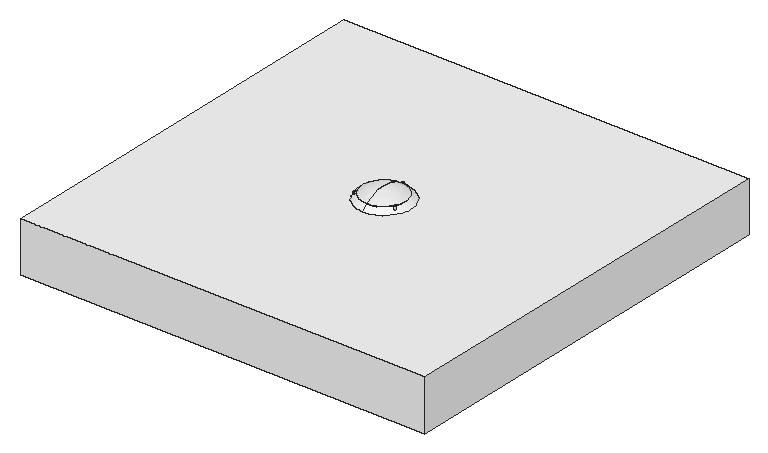
Revit family "Sarlam_Eclairage_Hublot_Chartres_Infini_T1_Anti_Vandale_Diam_322mm_1000Lm", category Luminaires, Revit 2020
Family settings
  Hôte = Face
  Cote de connecteur circulaire = Utiliser le diamètre
  Type d'élément = Normal
  Couper avec des vides une fois chargée = Non
  Source d'éclairage = Oui
  Partagée = Non
  Point de calcul de pièce = Non
Parameters (values of type "Détection+Horloge BLANC")
  Zone plafond formes 1à7 [instance] = and(not(Diamètre externe = 328 mm), or([Antivandale Formes 2-4-7]), not([Afficher la zone de détection-pose murale]), [Afficher la zone de détection-pose plafond])  # no
  Zone murale formes 1à7 [instance] = and(not(Diamètre externe = 328 mm), or([Antivandale Formes 2-4-7]), [Afficher la zone de détection-pose murale], not([Afficher la zone de détection-pose plafond]))  # no
  Zone de détection = "Détection à 2,5m haut Plafond: Ø6m maxi Mur: Ellipse 16*17m"
  URL = "http://www.legrandoc.com/SL532073"
  Type de variation = "Autre"
  Type de tension = "CA"
  Tension nominale (Un) V MIN = 207
  Tension nominale (Un) V MAX = 253
  built-in parameter 1150107 = 3200 (stored number, unit not read)
  Température de couleur K MIN = 4000
  Température de couleur K MAX = 4000
  Source lumineuse = "Led non interchangeable"
  Répartition lumineuse = "Symétrique"
  Puissance du système W = 15
  Puissance de la source lumineuse W = ""
  Puissance de la lampe en Multiwatt = "14/24W"
  Wattage = 9.2903 W
  built-in parameter 1150110 = 1 (stored number, unit not read)
  built-in parameter 1150109 = 1 (stored number, unit not read)
  built-in parameter 1114218 = 1 (stored number, unit not read)
  built-in parameter 1150113 = 1 (stored number, unit not read)
  built-in parameter 1150112 = 1 (stored number, unit not read)
  built-in parameter 1150137 = (empty or 0)
  built-in parameter 1150132 = (empty or 0)
  Modèle = "SL-532073"
  Longueur d'encastrement = 0 mm
  Longueur = 322 mm
  Largeur d'encastrement = 322 mm
  Largeur = 322 mm
  built-in parameter 1150105 = 109.82 (stored number, unit not read)
  built-in parameter 1150102 = (empty or 0)
  Hauteur/profondeur d'encastrement = 0 mm
  Hauteur/profondeur = 70 mm
  Dimming Lamp Color Temperature Shift = (empty or 0)
  Lumens = 1380 lm
  Color Filter = 16777215
  Fichier de distribution photométrique = "SL532000 .ies"
  built-in parameter 1114217 = 1 (stored number, unit not read)
  built-in parameter 1150139 = (empty or 0)
  Fabricant = "LEGRAND"
  Emettre à partir du diamètre du cercle = 200 mm
  Emettre la visibilité des formes dans le rendu = no
  built-in parameter 1150104 = 13.8 (stored number, unit not read)
  built-in parameter 1150106 = 1.0982 (stored number, unit not read)
  built-in parameter 1150115 = 1 (stored number, unit not read)
  built-in parameter 1150114 = 1 (stored number, unit not read)
  Diamètre externe = 322 mm
  Diamètre d'encastrement = 0 mm
  Description = "CHARTRES INFINI 1000LM 4000K  AV DETECTION HF + HORLOGE BLANC"
  built-in parameter 1150138 = (empty or 0)
  built-in parameter 1150134 = 3
  Condition Générale d'Utilisation = "https://export.legrand.com/CGU-objets-BIM"
  Angle de l'inclinaison = 0.00°
  Afficher la zone de détection-pose plafond [instance] = no
  Afficher la zone de détection-pose murale [instance] = no
  Matériau du boîtier/corps = Plastique
  Indice de rendu des couleurs CRI = "80-89"
  Indice de protection contre les chocs (IK) = "IK10"
  Indice de protection (IP) = "IP55"
  Flux lumineux utile lm = 1000
  Elévation par défaut = 2500 mm
  Douille = "Sans"
  Courant nominal mA MIN = 59
  Courant nominal mA MAX = 73
  Couleur du boîtier/corps = LEGRAND - Blanc
  Classe de protection = "II"
  Avec détecteur de mouvement = yes
  Avec détecteur crépusculaire = yes
  Appareillage = "Appareil à LED commandé en courant"
  Antivandale Formes 2-4-7 = yes
  Angle du faisceau = "Faisceau libre"
  Afficher l'étiquette de zone [instance] = no
  Adapté à une suspension = no
  Adapté à un montage encastré = no
  Adapté à un montage en saillie = yes
  Adapté à un montage en applique = yes
  Adapté à un montage au plafond = yes
  built-in parameter 1150133 = 10 (stored number, unit not read)
Types (12, lengths in mm): name | Zone de détection | URL | Type de variation | Puissance du système W | Modèle | Description | Courant nominal mA MIN | Courant nominal mA MAX | Couleur du boîtier/corps | Avec détecteur de mouvement | Avec détecteur crépusculaire | Afficher l'étiquette de zone
  ON/OFF BLANC | "" | "http://www.legrandoc.com/SL532006" | "Non régulable" | 14 | "SL-532006" | "CHARTRES INFINI 1000LM 4000K AV ON/OFF BLANC" | 39 | 49 | LEGRAND - Blanc | no | no | no
  ON/OFF ANTHRACITE | "" | "http://www.legrandoc.com/SL532007" | "Non régulable" | 14 | "SL-532007" | "CHARTRES INFINI 1000LM 4000K AV ON/OFF ANTHRACITE" | 39 | 49 | LEGRAND - Anthracite | no | no | no
  ON/OFF GRIS METAL | "" | "http://www.legrandoc.com/SL532008" | "Non régulable" | 14 | "SL-532008" | "CHARTRES INFINI 1000LM 4000K AV ON/OFF GRIS METAL" | 39 | 49 | LEGRAND - Gris métal | no | no | no
  Détection BLANC | "Détection à 2,5m haut Plafond: Ø6m maxi Mur: Ellipse 16*17m" | "http://www.legrandoc.com/SL532046" | "Autre" | 15 | "SL-532046" | "CHARTRES INFINI 1000LM 4000K  AV DETECTION HF BLANC" | 59 | 73 | LEGRAND - Blanc | yes | yes | yes
  Détection ANTHRACITE | "Détection à 2,5m haut Plafond: Ø6m maxi Mur: Ellipse 16*17m" | "http://www.legrandoc.com/SL532047" | "Autre" | 15 | "SL-532047" | "CHARTRES INFINI 1000LM 4000K  AV DETECTION HF ANTHRACITE" | 59 | 73 | LEGRAND - Anthracite | yes | yes | no
  Détection GRIS METAL | "Détection à 2,5m haut Plafond: Ø6m maxi Mur: Ellipse 16*17m" | "http://www.legrandoc.com/SL532048" | "Autre" | 15 | "SL-532048" | "CHARTRES INFINI 1000LM 4000K  AV DETECTION HF GRIS METAL" | 59 | 73 | LEGRAND - Gris métal | yes | yes | no
  Détection+Horloge BLANC | "Détection à 2,5m haut Plafond: Ø6m maxi Mur: Ellipse 16*17m" | "http://www.legrandoc.com/SL532073" | "Autre" | 15 | "SL-532073" | "CHARTRES INFINI 1000LM 4000K  AV DETECTION HF + HORLOGE BLANC" | 59 | 73 | LEGRAND - Blanc | yes | yes | no
  Détection+Horloge ANTHRACITE | "Détection à 2,5m haut Plafond: Ø6m maxi Mur: Ellipse 16*17m" | "http://www.legrandoc.com/SL532074" | "Autre" | 15 | "SL-532074" | "CHARTRES INFINI 1000LM 4000K  AV DETECTION HF + HORLOGE ANTHRACITE" | 59 | 73 | LEGRAND - Anthracite | yes | yes | no
  Détection+Horloge GRIS METAL | "Détection à 2,5m haut Plafond: Ø6m maxi Mur: Ellipse 16*17m" | "http://www.legrandoc.com/SL532075" | "Autre" | 15 | "SL-532075" | "CHARTRES INFINI 1000LM 4000K  AV DETECTION HF + HORLOGE GRIS METAL" | 59 | 73 | LEGRAND - Gris métal | yes | yes | no
  Double niveau/Minuterie BLANC | "" | "http://www.legrandoc.com/SL532085" | "Autre" | 15 | "SL-532085" | "CHARTRES INFINI 1000LM 4000K  AV DOUBLE NIVEAU/MINUTERIE BLANC" | 59 | 73 | LEGRAND - Blanc | no | no | no
  Double niveau/Minuterie ANTHRACITE | "" | "http://www.legrandoc.com/SL532086" | "Autre" | 15 | "SL-532086" | "CHARTRES INFINI 1000LM 4000K  AV DOUBLE NIVEAU/MINUTERIE ANTHRACITE" | 59 | 73 | LEGRAND - Anthracite | no | no | no
  Double niveau/Minuterie GRIS METAL | "" | "http://www.legrandoc.com/SL532087" | "Autre" | 15 | "SL-532087" | "CHARTRES INFINI 1000LM 4000K  AV DOUBLE NIVEAU/MINUTERIE GRIS METAL" | 59 | 73 | LEGRAND - Gris métal | no | no | no
Reference planes
  plane 1 "Centre (avant/arrière)": y = 0
  plane 2: z = 0
  plane 3 "Centre (gauche/droite)": x = 0
  plane 4: z = 90
Forms (mm)
  Extrusion 1, solid, material "Blanc"
    sketch origin (0, 0, 0) x (1, 0, 0) y (0, 1, 0)
      loop
        line (-1219.2, 1219.2) -> (-1219.2, -1219.2) -> (1219.2, -1219.2) -> (1219.2, 1219.2) -> (-1219.2, 1219.2)
    from 0 to -304.8
Lines and regions (mm)
  model lines, style "LightingFixtures", not visible
    curve 1: line (0, 0, 0) -> (0, 0, 2230)
    curve 2: line (0, 0, 0) -> (0, 3300, 0)
    curve 3: line (0, 0, 0) -> (-2620, 0, 0)
Dimensions and locks
  level to plane 4 = 90 mm
  aligned and locked: plane 2 to Extrusion 1
  aligned and locked: level to Extrusion 1
  aligned and locked: imposter light to plane 4
  aligned and locked: plane 3 "Centre (gauche/droite)" to imposter light
Nested families
  nested 1: "Zone de détection murale Chartres-Astreo" at (0, 0, 0) x (0, 0, 1) z (0, -1, 0), visible <- "Afficher la zone de détection-pose murale", type "Zone de détection murale"
  nested 2: "Formes 1-2-3-4-6-7-8-9" at (0, 0, 0), type "Formes"
    with Fl 70 mm, Dimension hublot 129.3 mm, Diamètre total 322 mm, Courbure 220.2 mm, Antivandale Formes 2-4-7 yes
  nested 3: "Zone de détection plafond Chartres-Astreo" at (0, 0, 2500), visible <- "Afficher la zone de détection-pose plafond", type "Zone de détection plafond"
    with Zone plafond Formes 8à9 no
  nested 4: "Zone de détection murale Chartres-Astreo" at (0, 0, 0) x (0, 0, 1) z (1, 0, 0), visible <- "Afficher la zone de détection-pose murale", type "Zone de détection murale"
  nested 5: "Etiquette de zone" at (-10, 232.366, 0) x (-1, 0, 0) z (0, 0, 1), visible <- "Afficher l'étiquette de zone", type "Etiquette de zone"
Connectors
  electrical at (0, 0, 0)
    settings: on nested 2, index 1, voltage 230 V, apparent load 0 VA, apparent load phase1 0 VA, apparent load phase2 0 VA, apparent load phase3 0 VA, power factor 1, load classification "Eclairage", number of poles 1, system type 30, power factor state 1, is connector primary yes, connector utility no, sub classification motor no, connector description ""
Definition of nested family "Formes 1-2-3-4-6-7-8-9"
  Parameters (values of type "Formes")
    Standard Forme 8 = no
    Standard Formes 1-3-6 = no
    Matériau hublot = none
    Matériau corps = none
    Fl = if(Diamètre total < 325 mm, 70 mm, if(Diamètre total = 328 mm, 107 mm, 90 mm))  # 107 mm
    Default Elevation = 0 mm
    Dimension hublot = if(Diamètre total = 300 mm, 121.1 mm, if(Diamètre total = 322 mm, 129.3 mm, if(Diamètre total = 328 mm, 148.6 mm, if(Diamètre total = 420 mm, 179.2 mm, 185.3 mm))))  # 148.6 mm
    Diamètre total = 328 mm
    Courbure = if(Diamètre total = 300 mm, 195.7 mm, if(Diamètre total = 322 mm, 220.2 mm, if(Diamètre total = 328 mm, 179.2 mm, if(Diamètre total = 420 mm, 290 mm, 307.8 mm))))  # 179.2 mm
    Couleur corps = none
    Antivandale Forme 9 = no
    Antivandale Formes 2-4-7 = no
  Reference planes
    plane 1 "Centre (avant/arrière)": y = 0
    plane 2: z = 0
    plane 3 "Centre (gauche/droite)": x = 0
    plane 4: y = 164
    plane 5: y = -164
    plane 6: y = 148.6
  Forms (mm)
    Revolve 1, solid, material <- "Matériau hublot"
      sketch origin (0, 0, 0) x (0, 0, -1) y (0, 1, 0)
        loop
          arc (-28, 148.6) -> (-86.03, 84.151) -> (-107, 0) r 179.2
          line (-107, 0) -> (-28, 0) -> (-28, 148.6)
        axis (-28, 0) -> (-107, 0)
      angle from 0 to 360
  Dimensions and locks
    equal spacing: plane 4, plane 1 "Centre (avant/arrière)", plane 5
    "Diamètre total": plane 4 to plane 5
    equal spacing: plane 5, plane 1 "Centre (avant/arrière)", plane 4
    "Dimension hublot": plane 1 "Centre (avant/arrière)" to plane 6
    "Fl": Revolve 1 sketch curve to plane 2
    "Courbure": radius of Revolve 1 sketch curve
    aligned and locked: level to plane 2
    aligned and locked: plane 6 to Revolve 1 sketch curve
    aligned and locked: plane 2 to nested 2
  Automatic sketch dimensions
    Revolve 1 sketch curve to plane 1 "Centre (avant/arrière)" = 0 mm  (x2)
    level to Revolve 1 sketch curve = 28 mm
    Revolve 1 sketch curve to Revolve 1 sketch curve = 1811.469 mm
    Revolve 1 sketch curve to Revolve 1 sketch curve = 1147.22 mm
  Nested families
    nested 1: "Corps standard Formes 1-3-6" at (0, 0, 0), visible <- "Standard Formes 1-3-6", type "Corps standard Formes 1-3-6"
      with Diamètre 328 mm
    nested 2: "Corps antivandale Formes 2-4-7" at (0, 0, 0), visible <- "Antivandale Formes 2-4-7", type "Corps antivandale Formes 2-4-7"
      with Diamètre 328 mm
    nested 3: "Corps standard Forme 8" at (0, 0, 0), visible <- "Standard Forme 8", type "Corps standard Forme 8"
    nested 4: "Corps antivandale Forme 9" at (0, 0, 0), visible <- "Antivandale Forme 9", type "Corps antivandale Forme 9"
  Definition of nested family "Corps standard Formes 1-3-6"
    Parameters (values of type "Corps standard")
      Matériau corps = none
      Default Elevation = 0 mm
      Couleur corps = none
      Diamètre = 322 mm
      Courbure = if(Diamètre < 400 mm, 195.7 mm, 290 mm)  # 195.7 mm
    Reference planes
      plane 1 "Centre (avant/arrière)": y = 0
      plane 2: z = 0
      plane 3 "Centre (gauche/droite)": x = 0
      plane 4: y = 161
      plane 5: y = -161
      plane 6: z = 28
    Forms (mm)
      Revolve 1, solid, material <- "Couleur corps"
        sketch origin (0, 0, 0) x (0, 0, -1) y (0, 1, 0)
          loop
            line (0, 0) -> (0, 161)
            arc (0, 161) -> (-14.55, 149.906) -> (-28, 137.502) r 195.7
            line (-28, 137.502) -> (-28, 0) -> (0, 0)
          axis (0, 0) -> (-28, 0)
        angle from 0 to 360
    Dimensions and locks
      equal spacing: plane 4, plane 1 "Centre (avant/arrière)", plane 5
      "Diamètre": plane 4 to plane 5
      equal spacing: plane 5, plane 1 "Centre (avant/arrière)", plane 4
      "Courbure": radius of Revolve 1 sketch curve
      aligned and locked: level to plane 2
      aligned and locked: plane 2 to Revolve 1  (x2)
      aligned and locked: Revolve 1 to plane 2
      aligned and locked: plane 6 to Revolve 1
    Automatic sketch dimensions
      Revolve 1 sketch curve to plane 1 "Centre (avant/arrière)" = 0 mm  (x3)
      Revolve 1 sketch curve to plane 6 = 0 mm
      Revolve 1 sketch curve to level = 0 mm
      Revolve 1 sketch curve to plane 4 = 0 mm
      plane 6 to Revolve 1 sketch curve = 1833.51 mm
      Revolve 1 sketch curve to Revolve 1 sketch curve = 1167.217 mm
  Definition of nested family "Corps antivandale Formes 2-4-7"
    Parameters (values of type "Corps antivandale")
      Rayon réseau vis = if(Diamètre < 400 mm, 137.2 mm, 193.2 mm)  # 137.2 mm
      Matériau corps = none
      Default Elevation = 0 mm
      Diamètre = 322 mm
      Courbure = if(Diamètre < 400 mm, 220.2 mm, 307.8 mm)  # 220.2 mm
      Couleur corps = none
    Reference planes
      plane 1 "Centre (avant/arrière)": y = 0
      plane 2: z = 0
      plane 3 "Centre (gauche/droite)": x = 0
      plane 4: y = 161
      plane 5: y = -161
      plane 6: z = 28
      plane 7: through (0, 0, 1200) normal (0.5, 0.866, 0)
      plane 8: through (0, 0, 1200) normal (0.5, -0.866, 0)
    Forms (mm)
      Revolve 1, solid, material <- "Couleur corps"
        sketch origin (0, 0, 0) x (0, 0, -1) y (0, 1, 0)
          loop
            line (0, 0) -> (0, 161)
            arc (0, 161) -> (-14.762, 145.835) -> (-28, 129.323) r 220.2
            line (-28, 129.323) -> (-28, 0) -> (0, 0)
          axis (0, 0) -> (-28, 0)
        angle from 0 to 360
      Extrusion 2, solid, material <- "Couleur corps"
        sketch origin (0, -0.04, 0) x (1, 0, 0) y (0, 1, 0)
          loop
            line (-4, 129.32) -> (-4, 137.3)
            arc (-4, 137.3) -> (0, 141.3) -> (4, 137.3) r 4
            line (4, 137.3) -> (4, 129.32)
            arc (4, 129.32) -> (5, 129.285) -> (6, 129.243) r 129.323
            line (6, 129.243) -> (6, 137.3)
            arc (6, 137.3) -> (0, 143.3) -> (-6, 137.3) r 6
            line (-6, 137.3) -> (-6, 129.243)
            arc (-6, 129.243) -> (-5, 129.285) -> (-4, 129.32) r 129.323
        from 15.189 to 28
      Extrusion 3, solid, material <- "Couleur corps"
        sketch origin (-0.035, 0.02, 0) x (-0.5, -0.866025, 0) y (0.866025, -0.5, 0)
          loop
            line (-4, 129.32) -> (-4, 137.3)
            arc (-4, 137.3) -> (0, 141.3) -> (4, 137.3) r 4
            line (4, 137.3) -> (4, 129.32)
            arc (4, 129.32) -> (5, 129.285) -> (6, 129.243) r 129.323
            line (6, 129.243) -> (6, 137.3)
            arc (6, 137.3) -> (0, 143.3) -> (-6, 137.3) r 6
            line (-6, 137.3) -> (-6, 129.243)
            arc (-6, 129.243) -> (-5, 129.285) -> (-4, 129.32) r 129.323
        from 15.189 to 28
      Extrusion 4, solid, material <- "Couleur corps"
        sketch origin (0.035, 0.02, 0) x (-0.5, 0.866025, 0) y (-0.866025, -0.5, 0)
          loop
            line (-4, 129.32) -> (-4, 137.3)
            arc (-4, 137.3) -> (0, 141.3) -> (4, 137.3) r 4
            line (4, 137.3) -> (4, 129.32)
            arc (4, 129.32) -> (5, 129.285) -> (6, 129.243) r 129.323
            line (6, 129.243) -> (6, 137.3)
            arc (6, 137.3) -> (0, 143.3) -> (-6, 137.3) r 6
            line (-6, 137.3) -> (-6, 129.243)
            arc (-6, 129.243) -> (-5, 129.285) -> (-4, 129.32) r 129.323
        from 15.189 to 28
      Revolve 5, solid
        sketch origin (0, 0.018, -12.656) x (0, 1, 0) y (0, 0, 1)
          loop
            line (136.525, 38.942) -> (136.525, 29.094) -> (136.962, 29.907) -> (137.751, 35.518) -> (140.148, 38.942) -> (136.525, 38.942)
          axis (136.525, 29.094) -> (136.525, 38.942)
        angle from 0 to 360
      Revolve 6, solid
        sketch origin (0.016, -0.009, -12.656) x (0.866025, -0.5, 0) y (0, 0, 1)
          loop
            line (136.525, 38.942) -> (136.525, 29.094) -> (136.962, 29.907) -> (137.751, 35.518) -> (140.148, 38.942) -> (136.525, 38.942)
          axis (136.525, 29.094) -> (136.525, 38.942)
        angle from 0 to 360
      Revolve 7, solid
        sketch origin (-0.016, -0.009, -12.656) x (-0.866025, -0.5, 0) y (0, 0, 1)
          loop
            line (136.525, 38.942) -> (136.525, 29.094) -> (136.962, 29.907) -> (137.751, 35.518) -> (140.148, 38.942) -> (136.525, 38.942)
          axis (136.525, 29.094) -> (136.525, 38.942)
        angle from 0 to 360
    Cuts and joins
      joined: Revolve 1, Extrusion 2
    Lines and regions (mm)
      model lines
        curve 1: line (-2.5, 136.543, 26.285) -> (2.5, 136.543, 26.285)
        curve 2: line (0, 138.995, 26.285) -> (0, 133.995, 26.285)
        curve 3: line (119.5, -66.107, 26.285) -> (117, -70.437, 26.285)
        curve 4: line (120.373, -69.497, 26.285) -> (116.043, -66.997, 26.285)
        curve 5: line (-117, -70.437, 26.285) -> (-119.5, -66.107, 26.285)
        curve 6: line (-120.373, -69.497, 26.285) -> (-116.043, -66.997, 26.285)
    Dimensions and locks
      equal spacing: plane 4, plane 1 "Centre (avant/arrière)", plane 5
      "Diamètre": plane 4 to plane 5
      equal spacing: plane 5, plane 1 "Centre (avant/arrière)", plane 4
      "Courbure": radius of Revolve 1 sketch curve
      "Rayon réseau vis": radius of radial array
      aligned and locked: level to plane 2
      aligned and locked: plane 2 to Revolve 1  (x2)
      aligned and locked: Revolve 1 to plane 2
      aligned and locked: plane 6 to Revolve 1
    Automatic sketch dimensions
      Extrusion 2 sketch curve to Extrusion 2 sketch curve = 0 mm  (x9)
      Extrusion 2 sketch curve to Extrusion 2 sketch curve = 7.98 mm
      Extrusion 2 sketch curve to Extrusion 2 sketch curve = 0.077 mm
      Extrusion 2 sketch curve to Extrusion 2 sketch curve = 2 mm
      Extrusion 2 sketch curve to Extrusion 2 sketch curve = 4 mm
      Extrusion 2 sketch curve to Extrusion 2 sketch curve = 6 mm
      Extrusion 3 sketch curve to Extrusion 3 sketch curve = 0 mm  (x9)
      Extrusion 3 sketch curve to Extrusion 3 sketch curve = 7.98 mm
      Extrusion 3 sketch curve to Extrusion 3 sketch curve = 0.077 mm
      Extrusion 3 sketch curve to Extrusion 3 sketch curve = 2 mm
      Extrusion 3 sketch curve to Extrusion 3 sketch curve = 4 mm
      Extrusion 3 sketch curve to Extrusion 3 sketch curve = 6 mm
      Extrusion 4 sketch curve to Extrusion 4 sketch curve = 0 mm  (x9)
      Extrusion 4 sketch curve to Extrusion 4 sketch curve = 7.98 mm
      Extrusion 4 sketch curve to Extrusion 4 sketch curve = 0.077 mm
      Extrusion 4 sketch curve to Extrusion 4 sketch curve = 2 mm
      Extrusion 4 sketch curve to Extrusion 4 sketch curve = 4 mm
      Extrusion 4 sketch curve to Extrusion 4 sketch curve = 6 mm
      Revolve 7 sketch curve to Revolve 7 sketch curve = 0.437 mm  (x2)
      Revolve 7 sketch curve to Revolve 7 sketch curve = 1.226 mm  (x2)
      Revolve 7 sketch curve to Revolve 7 sketch curve = 2.397 mm
      Revolve 7 sketch curve to Revolve 7 sketch curve = 0.813 mm  (x2)
      Revolve 7 sketch curve to Revolve 7 sketch curve = 5.611 mm  (x2)
      Revolve 7 sketch curve to Revolve 7 sketch curve = 3.424 mm  (x2)
      Revolve 7 sketch curve to Revolve 7 sketch curve = 0 mm  (x2)
      Revolve 7 sketch curve to Revolve 7 sketch curve = 0.975 mm
      Revolve 7 sketch curve to Revolve 7 sketch curve = 3.281 mm  (x2)
      Revolve 5 sketch curve to Revolve 5 sketch curve = 0.437 mm  (x2)
      Revolve 5 sketch curve to Revolve 5 sketch curve = 1.226 mm  (x2)
      Revolve 5 sketch curve to Revolve 5 sketch curve = 3.623 mm
      Revolve 5 sketch curve to Revolve 5 sketch curve = 5.611 mm  (x2)
      Revolve 5 sketch curve to Revolve 5 sketch curve = 3.424 mm  (x2)
      Revolve 5 sketch curve to Revolve 5 sketch curve = 0 mm  (x2)
      Revolve 5 sketch curve to Revolve 5 sketch curve = 0.813 mm  (x2)
      Revolve 5 sketch curve to Revolve 5 sketch curve = 0.162 mm
      Revolve 5 sketch curve to Revolve 5 sketch curve = 3.281 mm  (x2)
      Revolve 6 sketch curve to Revolve 6 sketch curve = 0.437 mm  (x2)
      Revolve 6 sketch curve to Revolve 6 sketch curve = 1.226 mm  (x2)
      Revolve 6 sketch curve to Revolve 6 sketch curve = 3.623 mm
      Revolve 6 sketch curve to Revolve 6 sketch curve = 5.611 mm  (x2)
      Revolve 6 sketch curve to Revolve 6 sketch curve = 3.424 mm  (x2)
      Revolve 6 sketch curve to Revolve 6 sketch curve = 0 mm  (x2)
      Revolve 6 sketch curve to Revolve 6 sketch curve = 0.813 mm  (x2)
      Revolve 6 sketch curve to Revolve 6 sketch curve = 0.162 mm
      Revolve 6 sketch curve to Revolve 6 sketch curve = 3.281 mm  (x2)
      Revolve 7 sketch curve to Revolve 7 sketch curve = 3.623 mm
      Revolve 7 sketch curve to Revolve 7 sketch curve = 0.162 mm
      curve 2 to Revolve 5 = 0 mm
      curve 2 to curve 1 = 2.548 mm
      curve 1 to curve 2 = 2.452 mm
      Revolve 5 to curve 1 = 2.5 mm
      curve 1 to Revolve 5 = 2.5 mm
      curve 4 to Revolve 6 = 0 mm
      curve 4 to curve 3 = 2.548 mm
      curve 3 to curve 4 = 2.452 mm
      Revolve 6 to curve 3 = 2.5 mm
      curve 3 to Revolve 6 = 2.5 mm
      curve 6 to Revolve 7 = 0 mm
      curve 6 to curve 5 = 2.548 mm
      curve 5 to curve 6 = 2.452 mm
      Revolve 7 to curve 5 = 2.5 mm
      curve 5 to Revolve 7 = 2.5 mm
      Revolve 5 sketch curve to Revolve 5 sketch curve = 2.397 mm
      Revolve 5 sketch curve to Revolve 5 sketch curve = 0.975 mm
      Revolve 6 sketch curve to Revolve 6 sketch curve = 2.397 mm
      Revolve 6 sketch curve to Revolve 6 sketch curve = 0.975 mm
      Revolve 1 sketch curve to plane 1 "Centre (avant/arrière)" = 0 mm  (x3)
      Revolve 1 sketch curve to plane 6 = 0 mm
      Revolve 1 sketch curve to level = 0 mm
      Revolve 1 sketch curve to plane 4 = 0 mm
      plane 6 to Revolve 1 sketch curve = 1833.51 mm
      Revolve 1 sketch curve to Revolve 1 sketch curve = 1128.321 mm
  Definition of nested family "Corps standard Forme 8"
    Parameters (values of type "Corps standard Forme 8")
      Matériau corps = none
      Default Elevation = 0 mm
      Couleur corps = none
      Diamètre = 328 mm
    Reference planes
      plane 1 "Centre (avant/arrière)": y = 0
      plane 2: z = 0
      plane 3 "Centre (gauche/droite)": x = 0
      plane 4: y = 164
      plane 5: y = -164
      plane 6: z = 28
      plane 7: y = 7.5
      plane 8: y = -7.5
    Forms (mm)
      Revolve 1, solid, material <- "Couleur corps"
        sketch origin (0, 0, 0) x (0, 0, -1) y (0, 1, 0)
          loop
            line (0, 0) -> (0, 164)
            arc (0, 164) -> (-14.345, 156.905) -> (-28, 148.559) r 179.182
            line (-28, 148.559) -> (-28, 0) -> (0, 0)
          axis (0, 0) -> (-28, 0)
        angle from 0 to 360
      Sweep 2, void
        path origin (0, 0, 0) x (1, 0, 0) y (0, 1, 0)
          loop
            arc (153.049, 7.5) -> (0, 153.232) -> (-153.049, 7.5) r 153.232
        profile origin (0, 153.232, 0) x (0, -1, 0) y (0, 0, 1)
          loop
            line (-5.469, 6.213) -> (-10.469, 16.465) -> (-10.469, 6.213) -> (-5.469, 6.213)
      Sweep 3, void
        path origin (0, 0, 0) x (1, 0, 0) y (0, 1, 0)
          loop
            arc (153.049, 7.5) -> (0, 153.232) -> (-153.049, 7.5) r 153.232
        profile origin (0, 153.232, 0) x (0, -1, 0) y (0, 0, 1)
          loop
            line (-1.643, 13.471) -> (-6.643, 23.723) -> (-6.643, 13.471) -> (-1.643, 13.471)
      Sweep 4, void
        path origin (0, 0, 0) x (1, 0, 0) y (0, -1, 0)
          loop
            arc (153.049, 7.5) -> (0, 153.232) -> (-153.049, 7.5) r 153.232
        profile origin (0, -153.232, 0) x (0, -1, 0) y (0, 0, 1)
          loop
            line (1.643, 13.471) -> (6.643, 13.471) -> (6.643, 23.723) -> (1.643, 13.471)
      Sweep 5, void
        path origin (0, 0, 0) x (1, 0, 0) y (0, -1, 0)
          loop
            arc (153.049, 7.5) -> (0, 153.232) -> (-153.049, 7.5) r 153.232
        profile origin (0, -153.232, 0) x (0, -1, 0) y (0, 0, 1)
          loop
            line (5.469, 6.213) -> (10.469, 6.213) -> (10.469, 16.465) -> (5.469, 6.213)
    Cuts and joins
      Sweep 2, Sweep 3, Sweep 4, Sweep 5 cuts Revolve 1
    Dimensions and locks
      equal spacing: plane 4, plane 1 "Centre (avant/arrière)", plane 5
      "Diamètre": plane 4 to plane 5
      equal spacing: plane 5, plane 1 "Centre (avant/arrière)", plane 4
      aligned and locked: level to plane 2
      aligned and locked: plane 2 to Revolve 1  (x2)
      aligned and locked: Revolve 1 to plane 2
      aligned and locked: plane 6 to Revolve 1
    Automatic sketch dimensions
      Sweep 2 sketch curve to plane 7 = 0 mm  (x2)
      plane 1 "Centre (avant/arrière)" to Sweep 2 sketch curve = 0 mm
      Sweep 2 sketch curve to plane 3 "Centre (gauche/droite)" = 0 mm
      Sweep 2 sketch curve to plane 3 "Centre (gauche/droite)" = 153.049 mm
      Sweep 3 sketch curve to plane 7 = 0 mm  (x2)
      plane 1 "Centre (avant/arrière)" to Sweep 3 sketch curve = 0 mm
      Sweep 3 sketch curve to plane 3 "Centre (gauche/droite)" = 0 mm
      Sweep 3 sketch curve to plane 3 "Centre (gauche/droite)" = 153.049 mm
      Sweep 4 sketch curve to plane 8 = 0 mm  (x2)
      plane 1 "Centre (avant/arrière)" to Sweep 4 sketch curve = 0 mm
      Sweep 4 sketch curve to plane 3 "Centre (gauche/droite)" = 0 mm
      plane 3 "Centre (gauche/droite)" to Sweep 4 sketch curve = 153.049 mm
      Sweep 5 sketch curve to plane 8 = 0 mm  (x2)
      plane 1 "Centre (avant/arrière)" to Sweep 5 sketch curve = 0 mm
      Sweep 5 sketch curve to plane 3 "Centre (gauche/droite)" = 0 mm
      plane 3 "Centre (gauche/droite)" to Sweep 5 sketch curve = 153.049 mm
      Revolve 1 sketch curve to plane 1 "Centre (avant/arrière)" = 0 mm  (x3)
      Revolve 1 sketch curve to plane 6 = 0 mm
      Revolve 1 sketch curve to level = 0 mm
      Revolve 1 sketch curve to plane 4 = 0 mm
      Revolve 1 sketch curve to Revolve 1 sketch curve = 72.182 mm
      plane 6 to Revolve 1 sketch curve = 1833.51 mm
      Revolve 1 sketch curve to Revolve 1 sketch curve = 1201.817 mm
      profile plane to Sweep 2 sketch curve = 10.469 mm
      Sweep 2 sketch curve to Sweep 2 sketch curve = 5 mm
      level to Sweep 2 sketch curve = 6.213 mm
      Sweep 2 sketch curve to Sweep 2 sketch curve = 10.252 mm
      profile plane to Sweep 3 sketch curve = 6.643 mm
      profile plane to Sweep 3 sketch curve = 1.643 mm
      level to Sweep 3 sketch curve = 13.471 mm
      Sweep 3 sketch curve to Sweep 3 sketch curve = 10.252 mm
      Sweep 4 sketch curve to profile plane = 1.643 mm
      Sweep 4 sketch curve to profile plane = 6.643 mm
      level to Sweep 4 sketch curve = 13.471 mm
      Sweep 4 sketch curve to Sweep 4 sketch curve = 10.252 mm
      Sweep 5 sketch curve to profile plane = 5.469 mm
      Sweep 5 sketch curve to profile plane = 10.469 mm
      level to Sweep 5 sketch curve = 6.213 mm
      Sweep 5 sketch curve to Sweep 5 sketch curve = 10.252 mm
  Definition of nested family "Corps antivandale Forme 9"
    Parameters (values of type "Corps antivandale Forme 9")
      Matériau corps = none
      Default Elevation = 0 mm
      Couleur corps = none
      Diamètre = 328 mm
    Reference planes
      plane 1 "Centre (avant/arrière)": y = 0
      plane 2: z = 0
      plane 3 "Centre (gauche/droite)": x = 0
      plane 4: y = 164
      plane 5: y = -164
      plane 6: z = 28
      plane 7: y = 7.5
      plane 8: y = -7.5
    Forms (mm)
      Revolve 1, solid, material <- "Couleur corps"
        sketch origin (0, 0, 0) x (0, 0, -1) y (0, 1, 0)
          loop
            line (0, 0) -> (0, 164)
            arc (0, 164) -> (-14.345, 156.905) -> (-28, 148.559) r 179.182
            line (-28, 148.559) -> (-28, 0) -> (0, 0)
          axis (0, 0) -> (-28, 0)
        angle from 0 to 360
      Extrusion 2, void
        sketch origin (-1.406, 0, 0) x (1, 0, 0) y (0, 1, 0)
          loop
            circle (157.486, 0) r 5
        from 5.665 to 28
      Sweep 3, void
        path origin (0, 0, 0) x (1, 0, 0) y (0, 1, 0)
          loop
            arc (153.049, 7.5) -> (0, 153.232) -> (-153.049, 7.5) r 153.232
        profile origin (0, 153.232, 0) x (0, -1, 0) y (0, 0, 1)
          loop
            line (-5.469, 6.213) -> (-10.469, 16.465) -> (-10.469, 6.213) -> (-5.469, 6.213)
      Extrusion 4, void
        sketch origin (1.406, 0, 0) x (-1, 0, 0) y (0, -1, 0)
          loop
            circle (157.486, 0) r 5
        from 5.665 to 28
      Sweep 5, void
        path origin (0, 0, 0) x (1, 0, 0) y (0, 1, 0)
          loop
            arc (153.049, 7.5) -> (0, 153.232) -> (-153.049, 7.5) r 153.232
        profile origin (0, 153.232, 0) x (0, -1, 0) y (0, 0, 1)
          loop
            line (-1.643, 13.471) -> (-6.643, 23.723) -> (-6.643, 13.471) -> (-1.643, 13.471)
      Sweep 6, void
        path origin (0, 0, 0) x (1, 0, 0) y (0, -1, 0)
          loop
            arc (153.049, 7.5) -> (0, 153.232) -> (-153.049, 7.5) r 153.232
        profile origin (0, -153.232, 0) x (0, -1, 0) y (0, 0, 1)
          loop
            line (1.643, 13.471) -> (6.643, 13.471) -> (6.643, 23.723) -> (1.643, 13.471)
      Sweep 7, void
        path origin (0, 0, 0) x (1, 0, 0) y (0, -1, 0)
          loop
            arc (153.049, 7.5) -> (0, 153.232) -> (-153.049, 7.5) r 153.232
        profile origin (0, -153.232, 0) x (0, -1, 0) y (0, 0, 1)
          loop
            line (5.469, 6.213) -> (10.469, 6.213) -> (10.469, 16.465) -> (5.469, 6.213)
      Revolve 8, solid
        sketch origin (-156.149, -136.533, -30.469) x (0, 1, 0) y (0, 0, 1)
          loop
            line (136.525, 38.942) -> (136.525, 31.651) -> (137.319, 32.445) -> (137.923, 36.741) -> (139.106, 38.942) -> (136.525, 38.942)
          axis (136.525, 31.651) -> (136.525, 38.942)
        angle from 0 to 360
      Revolve 9, solid
        sketch origin (156.149, -136.533, -30.469) x (0, 1, 0) y (0, 0, -1)
          loop
            line (136.525, -38.942) -> (139.106, -38.942) -> (137.923, -36.741) -> (137.319, -32.445) -> (136.525, -31.651) -> (136.525, -38.942)
          axis (136.525, -31.651) -> (136.525, -38.942)
        angle from 0 to 360
    Cuts and joins
      Extrusion 2, Sweep 3, Extrusion 4, Sweep 5, Sweep 6, Sweep 7 cuts Revolve 1
    Lines and regions (mm)
      model lines
        curve 1: line (-156.149, 1.39, 8.473) -> (-156.149, -1.406, 8.473)
        curve 2: line (-157.503, 0, 8.473) -> (-154.615, 0, 8.473)
        curve 3: line (156.149, 1.39, 8.473) -> (156.149, -1.406, 8.473)
        curve 4: line (157.503, 0, 8.473) -> (154.615, 0, 8.473)
    Dimensions and locks
      equal spacing: plane 4, plane 1 "Centre (avant/arrière)", plane 5
      "Diamètre": plane 4 to plane 5
      equal spacing: plane 5, plane 1 "Centre (avant/arrière)", plane 4
      aligned and locked: level to plane 2
      aligned and locked: plane 2 to Revolve 1  (x2)
      aligned and locked: Revolve 1 to plane 2
      aligned and locked: plane 6 to Revolve 1
    Automatic sketch dimensions
      plane 1 "Centre (avant/arrière)" to Extrusion 2 sketch curve = 0 mm
      plane 3 "Centre (gauche/droite)" to Extrusion 2 sketch curve = 156.08 mm
      Sweep 3 sketch curve to plane 7 = 0 mm  (x2)
      plane 1 "Centre (avant/arrière)" to Sweep 3 sketch curve = 0 mm
      Sweep 3 sketch curve to plane 3 "Centre (gauche/droite)" = 0 mm
      Sweep 3 sketch curve to plane 3 "Centre (gauche/droite)" = 153.049 mm
      plane 1 "Centre (avant/arrière)" to Extrusion 4 sketch curve = 0 mm
      plane 3 "Centre (gauche/droite)" to Extrusion 4 sketch curve = 156.08 mm
      Sweep 5 sketch curve to plane 7 = 0 mm  (x2)
      plane 1 "Centre (avant/arrière)" to Sweep 5 sketch curve = 0 mm
      Sweep 5 sketch curve to plane 3 "Centre (gauche/droite)" = 0 mm
      Sweep 5 sketch curve to plane 3 "Centre (gauche/droite)" = 153.049 mm
      Sweep 6 sketch curve to plane 8 = 0 mm  (x2)
      plane 1 "Centre (avant/arrière)" to Sweep 6 sketch curve = 0 mm
      Sweep 6 sketch curve to plane 3 "Centre (gauche/droite)" = 0 mm
      plane 3 "Centre (gauche/droite)" to Sweep 6 sketch curve = 153.049 mm
      Sweep 7 sketch curve to plane 8 = 0 mm  (x2)
      plane 1 "Centre (avant/arrière)" to Sweep 7 sketch curve = 0 mm
      Sweep 7 sketch curve to plane 3 "Centre (gauche/droite)" = 0 mm
      plane 3 "Centre (gauche/droite)" to Sweep 7 sketch curve = 153.049 mm
      Revolve 1 sketch curve to plane 1 "Centre (avant/arrière)" = 0 mm  (x3)
      Revolve 1 sketch curve to plane 6 = 0 mm
      Revolve 1 sketch curve to level = 0 mm
      Revolve 1 sketch curve to plane 4 = 0 mm
      Revolve 1 sketch curve to Revolve 1 sketch curve = 72.182 mm
      plane 6 to Revolve 1 sketch curve = 1833.51 mm
      Revolve 1 sketch curve to Revolve 1 sketch curve = 1201.817 mm
      profile plane to Sweep 3 sketch curve = 10.469 mm
      Sweep 3 sketch curve to Sweep 3 sketch curve = 5 mm
      level to Sweep 3 sketch curve = 6.213 mm
      Sweep 3 sketch curve to Sweep 3 sketch curve = 10.252 mm
      profile plane to Sweep 5 sketch curve = 6.643 mm
      profile plane to Sweep 5 sketch curve = 1.643 mm
      level to Sweep 5 sketch curve = 13.471 mm
      Sweep 5 sketch curve to Sweep 5 sketch curve = 10.252 mm
      Sweep 6 sketch curve to profile plane = 1.643 mm
      Sweep 6 sketch curve to profile plane = 6.643 mm
      level to Sweep 6 sketch curve = 13.471 mm
      Sweep 6 sketch curve to Sweep 6 sketch curve = 10.252 mm
      Sweep 7 sketch curve to profile plane = 5.469 mm
      Sweep 7 sketch curve to profile plane = 10.469 mm
      level to Sweep 7 sketch curve = 6.213 mm
      Sweep 7 sketch curve to Sweep 7 sketch curve = 10.252 mm
      plane 1 "Centre (avant/arrière)" to Revolve 8 sketch curve = 0.008 mm  (x2)
      Revolve 8 sketch curve to plane 1 "Centre (avant/arrière)" = 0.786 mm
      Revolve 8 sketch curve to plane 1 "Centre (avant/arrière)" = 1.39 mm
      Revolve 8 sketch curve to Revolve 8 sketch curve = 1.183 mm
      level to Revolve 8 sketch curve = 1.183 mm
      Revolve 8 sketch curve to Revolve 8 sketch curve = 0.794 mm
      Revolve 8 sketch curve to Revolve 8 sketch curve = 4.296 mm
      Revolve 8 sketch curve to Revolve 8 sketch curve = 2.201 mm
      Revolve 8 sketch curve to level = 0.4 mm
      Revolve 8 sketch curve to Revolve 8 sketch curve = 3.281 mm
      plane 1 "Centre (avant/arrière)" to Revolve 9 sketch curve = 0.008 mm  (x2)
      Revolve 9 sketch curve to plane 1 "Centre (avant/arrière)" = 0.786 mm
      Revolve 9 sketch curve to plane 1 "Centre (avant/arrière)" = 1.39 mm
      Revolve 9 sketch curve to Revolve 9 sketch curve = 1.183 mm
      level to Revolve 9 sketch curve = 8.473 mm
      Revolve 9 sketch curve to Revolve 9 sketch curve = 2.201 mm
      level to Revolve 9 sketch curve = 1.977 mm
      Revolve 9 sketch curve to Revolve 9 sketch curve = 0.794 mm
      Revolve 9 sketch curve to Revolve 9 sketch curve = 3.281 mm
      Revolve 9 sketch curve to level = 0.4 mm
      curve 1 to Revolve 8 = 0 mm
      curve 1 to curve 3 = 0 mm
      curve 1 to curve 2 = 1.406 mm
      curve 3 to curve 4 = 1.406 mm
      curve 4 to curve 3 = 1.39 mm
      curve 2 to curve 1 = 1.39 mm
      Revolve 8 to curve 2 = 1.534 mm
      curve 4 to curve 2 = 309.23 mm
      curve 3 to curve 4 = 1.534 mm
      curve 4 to curve 3 = 1.354 mm
      curve 2 to Revolve 8 = 1.354 mm
      radius of Extrusion 2 sketch curve = 5 mm
      radius of Extrusion 4 sketch curve = 5 mm
Definition of nested family "Zone de détection murale Chartres-Astreo"
  Parameters (values of type "Zone de détection murale")
    Zone murale Formes 8à9 = no
    Zone murale Formes 1à7 = no
  Reference planes
    plane 1 "Centre (avant/arrière)": y = 0
    plane 2: z = 0
    plane 3 "Centre (gauche/droite)": x = 0
    plane 4: x = 3500
    plane 5: y = 1000
    plane 6: x = 10000
    plane 7: y = 3500
    plane 8: x = 13000
    plane 9: y = 4000
    plane 10: x = 17000
    plane 11: y = 8000
    plane 12: x = 6000
    plane 13: x = 8000
  Lines and regions (mm)
    detail lines, in view "Niveau de réf.", visible <- "Zone murale Formes 1à7"
      curve 1: spline (0, 0, 0) -> (59.63, 258.819, 0) -> (234.456, 500, 0) -> (512.563, 707.107, 0) -> (875, 866.025, 0) -> (1297.067, 965.926, 0) -> (1750, 1000, 0) -> (2202.933, 965.926, 0) -> (2625, 866.025, 0) -> (2987.437, 707.107, 0) -> (3265.544, 500, 0) -> (3440.37, 258.819, 0) -> (3500, 0, 0) -> (3440.37, -258.819, 0) -> (3265.544, -500, 0) -> (2987.437, -707.107, 0) -> (2625, -866.025, 0) -> (2202.933, -965.926, 0) -> (1750, -1000, 0) -> (1297.067, -965.926, 0) -> (875, -866.025, 0) -> (512.563, -707.107, 0) -> (234.456, -500, 0) -> (59.63, -258.819, 0) -> (0, 0, 0)
      curve 2: spline (0, 0, 0) -> (170.371, 905.867, 0) -> (669.873, 1750, 0) -> (1464.466, 2474.874, 0) -> (2500, 3031.089, 0) -> (3705.905, 3380.74, 0) -> (5000, 3500, 0) -> (6294.095, 3380.74, 0) -> (7500, 3031.089, 0) -> (8535.534, 2474.874, 0) -> (9330.127, 1750, 0) -> (9829.629, 905.867, 0) -> (10000, 0, 0) -> (9829.629, -905.867, 0) -> (9330.127, -1750, 0) -> (8535.534, -2474.874, 0) -> (7500, -3031.089, 0) -> (6294.095, -3380.74, 0) -> (5000, -3500, 0) -> (3705.905, -3380.74, 0) -> (2500, -3031.089, 0) -> (1464.466, -2474.874, 0) -> (669.873, -1750, 0) -> (170.371, -905.867, 0) -> (0, 0, 0)
      curve 3: spline (0, 0, 0) -> (221.482, 1035.276, 0) -> (870.835, 2000, 0) -> (1903.806, 2828.427, 0) -> (3250, 3464.102, 0) -> (4817.676, 3863.703, 0) -> (6500, 4000, 0) -> (8182.324, 3863.703, 0) -> (9750, 3464.102, 0) -> (11096.194, 2828.427, 0) -> (12129.165, 2000, 0) -> (12778.518, 1035.276, 0) -> (13000, 0, 0) -> (12778.518, -1035.276, 0) -> (12129.165, -2000, 0) -> (11096.194, -2828.427, 0) -> (9750, -3464.102, 0) -> (8182.324, -3863.703, 0) -> (6500, -4000, 0) -> (4817.676, -3863.703, 0) -> (3250, -3464.102, 0) -> (1903.806, -2828.427, 0) -> (870.835, -2000, 0) -> (221.482, -1035.276, 0) -> (0, 0, 0)
      curve 4: spline (0, 0, 0) -> (289.63, 2070.552, 0) -> (1138.784, 4000, 0) -> (2489.592, 5656.854, 0) -> (4250, 6928.203, 0) -> (6300.038, 7727.407, 0) -> (8500, 8000, 0) -> (10699.962, 7727.407, 0) -> (12750, 6928.203, 0) -> (14510.408, 5656.854, 0) -> (15861.216, 4000, 0) -> (16710.37, 2070.552, 0) -> (17000, 0, 0) -> (16710.37, -2070.552, 0) -> (15861.216, -4000, 0) -> (14510.408, -5656.854, 0) -> (12750, -6928.203, 0) -> (10699.962, -7727.407, 0) -> (8500, -8000, 0) -> (6300.038, -7727.407, 0) -> (4250, -6928.203, 0) -> (2489.592, -5656.854, 0) -> (1138.784, -4000, 0) -> (289.63, -2070.552, 0) -> (0, 0, 0)
    detail lines, in view "Niveau de réf.", visible <- "Zone murale Formes 8à9"
      curve 5: spline (0, 0, 0) -> (102.223, 258.819, 0) -> (401.924, 500, 0) -> (878.68, 707.107, 0) -> (1500, 866.025, 0) -> (2223.543, 965.926, 0) -> (3000, 1000, 0) -> (3776.457, 965.926, 0) -> (4500, 866.025, 0) -> (5121.32, 707.107, 0) -> (5598.076, 500, 0) -> (5897.777, 258.819, 0) -> (6000, 0, 0) -> (5897.777, -258.819, 0) -> (5598.076, -500, 0) -> (5121.32, -707.107, 0) -> (4500, -866.025, 0) -> (3776.457, -965.926, 0) -> (3000, -1000, 0) -> (2223.543, -965.926, 0) -> (1500, -866.025, 0) -> (878.68, -707.107, 0) -> (401.924, -500, 0) -> (102.223, -258.819, 0) -> (0, 0, 0)
      curve 6: spline (0, 0, 0) -> (136.297, 647.048, 0) -> (535.898, 1250, 0) -> (1171.573, 1767.767, 0) -> (2000, 2165.064, 0) -> (2964.724, 2414.815, 0) -> (4000, 2500, 0) -> (5035.276, 2414.815, 0) -> (6000, 2165.064, 0) -> (6828.427, 1767.767, 0) -> (7464.102, 1250, 0) -> (7863.703, 647.048, 0) -> (8000, 0, 0) -> (7863.703, -647.048, 0) -> (7464.102, -1250, 0) -> (6828.427, -1767.767, 0) -> (6000, -2165.064, 0) -> (5035.276, -2414.815, 0) -> (4000, -2500, 0) -> (2964.724, -2414.815, 0) -> (2000, -2165.064, 0) -> (1171.573, -1767.767, 0) -> (535.898, -1250, 0) -> (136.297, -647.048, 0) -> (0, 0, 0)
      curve 7: spline (0, 0, 0) -> (170.371, 1035.276, 0) -> (669.873, 2000, 0) -> (1464.466, 2828.427, 0) -> (2500, 3464.102, 0) -> (3705.905, 3863.703, 0) -> (5000, 4000, 0) -> (6294.095, 3863.703, 0) -> (7500, 3464.102, 0) -> (8535.534, 2828.427, 0) -> (9330.127, 2000, 0) -> (9829.629, 1035.276, 0) -> (10000, 0, 0) -> (9829.629, -1035.276, 0) -> (9330.127, -2000, 0) -> (8535.534, -2828.427, 0) -> (7500, -3464.102, 0) -> (6294.095, -3863.703, 0) -> (5000, -4000, 0) -> (3705.905, -3863.703, 0) -> (2500, -3464.102, 0) -> (1464.466, -2828.427, 0) -> (669.873, -2000, 0) -> (170.371, -1035.276, 0) -> (0, 0, 0)
  Dimensions and locks
    plane 3 "Centre (gauche/droite)" to plane 4 = 3500 mm
    plane 1 "Centre (avant/arrière)" to plane 5 = 1000 mm
    plane 3 "Centre (gauche/droite)" to plane 6 = 10000 mm
    plane 7 to plane 1 "Centre (avant/arrière)" = 3500 mm
    plane 3 "Centre (gauche/droite)" to plane 8 = 13000 mm
    plane 1 "Centre (avant/arrière)" to plane 9 = 4000 mm
    plane 3 "Centre (gauche/droite)" to plane 10 = 17000 mm
    plane 1 "Centre (avant/arrière)" to plane 11 = 8000 mm
    plane 3 "Centre (gauche/droite)" to plane 12 = 6000 mm
    plane 3 "Centre (gauche/droite)" to plane 13 = 8000 mm
Definition of nested family "Zone de détection plafond Chartres-Astreo"
  Parameters (values of type "Zone de détection plafond")
    Zone plafond Formes 8à9 = yes
    Zone plafond Formes 1à7 = no
  Reference planes
    plane 1 "Centre (avant/arrière)": y = 0
    plane 2: z = 0
    plane 3 "Centre (gauche/droite)": x = 0
  Lines and regions (mm)
    detail lines, in view "Niveau de réf.", visible <- "Zone plafond Formes 1à7"
      curve 1: circle (0, 0, 0) r 500 normal (0, 0, 1)
      curve 2: circle (0, 0, 0) r 1000 normal (0, 0, 1)
      curve 3: circle (0, 0, 0) r 2000 normal (0, 0, 1)
      curve 4: circle (0, 0, 0) r 3000 normal (0, 0, 1)
    detail lines, in view "Niveau de réf.", visible <- "Zone plafond Formes 8à9"
      curve 5: circle (0, 0, 0) r 1500 normal (0, 0, 1)
      curve 6: circle (0, 0, 0) r 4000 normal (0, 0, 1)
      curve 7: circle (0, 0, 0) r 6000 normal (0, 0, 1)
Definition of nested family "Etiquette de zone"
  Parameters (values of type "Etiquette de zone")
    Etiquette de zone = ""
  Reference planes
    plane 1: y = 0
    plane 2: x = 0
  Text (mm)
    label "Etiquette de zone" at (0.013, -4.46, 0), shows "Etiquette de zone"
